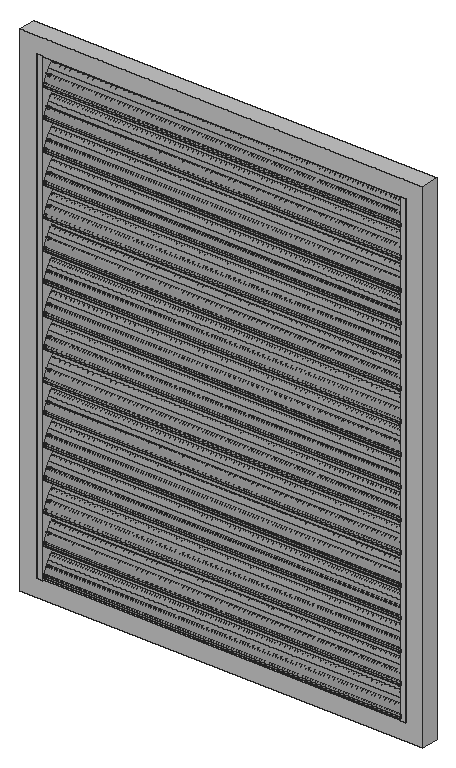
Revit family "90 Midi End Fixed Panel", category Generic Models, Revit 2018
Family settings
  Can host rebar = No
  Round Connector Dimension = Use Diameter
  Part Type = Normal
  Work Plane-Based = No
  Always vertical = Yes
  Cut with Voids When Loaded = No
  Shared = No
  Room Calculation Point = No
Parameters
  W INPUT [instance] = if(W < 500 mm, 500 mm, if(W > 3000 mm, 300 mm, W))  # 1200 mm
  CRS [instance] = 87.5 mm
  W [instance] = 1200 mm
  H INPUT [instance] = CRS * A + 100 mm  # 1500 mm
  H [instance] = 1500 mm
  Frame [instance] = Framing
  Blade [instance] = Blade
  A [instance] = if(((H - 100 mm) / CRS) < 2, 2, (H - 100 mm) / CRS)  # 16
Reference planes
  plane 1 "Center (Front/Back)": y = 0
  plane 2: z = 0
  plane 3 "Center (Left/Right)": x = 0
  plane 4: x = -600
  plane 5: z = 1500
  plane 6: x = 600
  plane 7: x = -533.5
  plane 8: x = 533.5
  plane 9: z = 93.75
  plane 10: z = 181.25
  plane 11: z = 1450
  plane 12: z = 268.75
  plane 13: z = 356.25
  plane 14: z = 443.75
  plane 15: z = 531.25
  plane 16: z = 618.75
  plane 17: z = 706.25
  plane 18: z = 793.75
  plane 19: z = 881.25
  plane 20: z = 968.75
  plane 21: z = 1056.25
  plane 22: z = 1143.75
  plane 23: z = 1231.25
  plane 24: z = 1318.75
  plane 25: z = 1406.25
Forms (mm)
  Sweep 1, solid, material "Framing" <- "Frame"
    path origin (0, 0, 0) x (1, 0, 0) y (0, 0, 1)
      loop
        line (-600, 0) -> (600, 0) -> (600, 1500) -> (-600, 1500) -> (-600, 0)
    profile origin (0, 0, 0) x (0, 0, 1) y (0, -1, 0)
      loop
        line (50, -25) -> (50, 25) -> (0, 25) -> (0, -25) -> (50, -25)
      loop
        line (47, 22) -> (3, 22) -> (3, -22) -> (47, -22) -> (47, 22)
  Extrusion 2, solid, material "Framing" <- "Frame"
    sketch origin (0, 0, 0) x (1, 0, 0) y (0, 1, 0)
      loop
        line (-550, 25) -> (-550, 22) -> (-536.5, 22) -> (-536.5, -22) -> (-550, -22) -> (-550, -25) -> (-533.5, -25) -> (-533.5, 25) -> (-550, 25)
    from 50 to 1450
  Extrusion 3, solid, material "Framing" <- "Frame"
    sketch origin (0, 0, 0) x (-1, 0, 0) y (0, -1, 0)
      loop
        line (-550, -25) -> (-533.5, -25) -> (-533.5, 25) -> (-550, 25) -> (-550, 22) -> (-536.5, 22) -> (-536.5, -22) -> (-550, -22) -> (-550, -25)
    from 50 to 1450
Dimensions and locks
  "H INPUT": plane 5 to plane 2
  equal spacing: plane 6, plane 3 "Center (Left/Right)", plane 4
  "W INPUT": plane 4 to plane 6
  equal spacing: group 1, group 2, group 3, group 4, group 5, group 6, group 7, group 8, group 9, group 10, group 11, group 12, group 13, group 14, group 15, group 16  (x3)
  "CRS": plane 10 to plane 9
  locked: plane 5 to plane 11 at 50
  aligned and locked: level to plane 2
  aligned and locked: Sweep 1 sketch curve to plane 4
  aligned and locked: plane 5 to Sweep 1 sketch curve
  aligned and locked: Sweep 1 sketch curve to plane 6
  aligned and locked: Extrusion 2 to Sweep 1
  aligned and locked: Extrusion 3 to Sweep 1
  aligned and locked: Extrusion 3 to Extrusion 2
  aligned and locked: plane 11 to Extrusion 2
Automatic sketch dimensions
  Sweep 1 sketch curve to level = 0 mm
  profile plane to Sweep 1 sketch curve = 0 mm
  Sweep 1 sketch curve to profile plane = 3 mm
  Sweep 1 sketch curve to Sweep 1 sketch curve = 44 mm
  Sweep 1 sketch curve to Sweep 1 sketch curve = 3 mm  (x3)
  Sweep 1 sketch curve to plane 1 "Center (Front/Back)" = 25 mm
  plane 1 "Center (Front/Back)" to Sweep 1 sketch curve = 22 mm
  Extrusion 2 sketch curve to plane 1 "Center (Front/Back)" = 25 mm
  plane 4 to Extrusion 2 sketch curve = 50 mm
  plane 1 "Center (Front/Back)" to Extrusion 2 sketch curve = 22 mm
  Extrusion 2 sketch curve to Extrusion 2 sketch curve = 0 mm
  Extrusion 2 sketch curve to Extrusion 2 sketch curve = 13.5 mm
  Extrusion 2 sketch curve to Extrusion 2 sketch curve = 3 mm  (x3)
  plane 1 "Center (Front/Back)" to Extrusion 3 sketch curve = 25 mm
  Extrusion 3 sketch curve to plane 6 = 50 mm
  Extrusion 3 sketch curve to Extrusion 3 sketch curve = 0 mm
  Extrusion 3 sketch curve to Extrusion 3 sketch curve = 13.5 mm
  Extrusion 3 sketch curve to Extrusion 3 sketch curve = 3 mm  (x3)
  Extrusion 3 sketch curve to plane 1 "Center (Front/Back)" = 22 mm
Nested families
  nested 1: "90 Midi" at (0, 0, 0), type "90 Midi"
  nested 2: "90 Midi" at (0, 0, 87.5), type "90 Midi"
  nested 3: "90 Midi" at (0, 0, 175), type "90 Midi"
  nested 4: "90 Midi" at (0, 0, 262.5), type "90 Midi"
  nested 5: "90 Midi" at (0, 0, 350), type "90 Midi"
  nested 6: "90 Midi" at (0, 0, 437.5), type "90 Midi"
  nested 7: "90 Midi" at (0, 0, 525), type "90 Midi"
  nested 8: "90 Midi" at (0, 0, 612.5), type "90 Midi"
  nested 9: "90 Midi" at (0, 0, 700), type "90 Midi"
  nested 10: "90 Midi" at (0, 0, 787.5), type "90 Midi"
  nested 11: "90 Midi" at (0, 0, 875), type "90 Midi"
  nested 12: "90 Midi" at (0, 0, 962.5), type "90 Midi"
  nested 13: "90 Midi" at (0, 0, 1050), type "90 Midi"
  nested 14: "90 Midi" at (0, 0, 1137.5), type "90 Midi"
  nested 15: "90 Midi" at (0, 0, 1225), type "90 Midi"
  nested 16: "90 Midi" at (0, 0, 1312.5), type "90 Midi"
Definition of nested family "90 Midi"
  Parameters (values of type "90 Midi")
    W = 1200 mm
    Blade = none
  Reference planes
    plane 1 "Center (Front/Back)": y = 0
    plane 2: z = 0
    plane 3 "Center (Left/Right)": x = 0
    plane 4: x = -533.5
    plane 5: x = -600
    plane 6: x = 533.5
    plane 7: x = 600
  Forms (mm)
    Extrusion 1, solid, material <- "Blade"
      sketch origin (0, 0, 0) x (0, 1, 0) y (0, 0, 1)
        loop
          arc (-18.418, 62.103) -> (-12.003, 68.768) -> (-5.474, 75.322) r 535.81
          arc (-5.474, 75.322) -> (0.78, 82.111) -> (6.362, 89.463) r 97
          arc (6.362, 89.463) -> (16.539, 107.068) -> (23.874, 126.034) r 131.2
          arc (23.874, 126.034) -> (24.411, 128.558) -> (24.531, 131.136) r 15.81
          arc (24.531, 131.136) -> (23.972, 131.82) -> (23.163, 131.465) r 0.73
          arc (23.163, 131.465) -> (21.542, 128.934) -> (19.622, 126.622) r 24.32
          arc (19.622, 126.622) -> (12.644, 119.346) -> (5.531, 112.202) r 535.81
          arc (5.531, 112.202) -> (-0.722, 105.425) -> (-6.302, 98.085) r 97
          arc (-6.302, 98.085) -> (-16.516, 80.438) -> (-23.873, 61.423) r 131.2
          arc (-23.873, 61.423) -> (-24.407, 58.921) -> (-24.531, 56.366) r 15.81
          arc (-24.531, 56.366) -> (-23.975, 55.681) -> (-23.165, 56.031) r 0.73
          arc (-23.165, 56.031) -> (-22.157, 57.665) -> (-21.023, 59.213) r 24.32
          arc (-21.023, 59.213) -> (-21.087, 59.825) -> (-21.7, 59.771) r 0.439
          line (-21.7, 59.771) -> (-22.227, 59.155) -> (-23.215, 59.999) -> (-19.642, 64.18) -> (-18.654, 63.336) -> (-19.215, 62.679)
          arc (-19.215, 62.679) -> (-19.065, 62.047) -> (-18.418, 62.103) r 0.497
        loop
          arc (-17.964, 64.325) -> (-12.186, 70.296) -> (-6.317, 76.177) r 537.01
          arc (-6.317, 76.177) -> (-4.699, 77.812) -> (-3.12, 79.486) r 95.8
          arc (-3.12, 79.486) -> (-2.991, 79.881) -> (-3.205, 80.237) r 0.5
          line (-3.205, 80.237) -> (-4.372, 81.04) -> (-4.708, 79.928)
          arc (-4.708, 79.928) -> (-5.455, 79.527) -> (-5.856, 80.275) r 0.6
          arc (-5.856, 80.275) -> (-8.493, 82.539) -> (-8.395, 79.065) r 1.9
          arc (-8.395, 79.065) -> (-8.067, 78.283) -> (-8.849, 77.955) r 0.6
          arc (-8.849, 77.955) -> (-10.768, 80.615) -> (-9.224, 83.509) r 3.1
          arc (-9.224, 83.509) -> (-8.975, 83.922) -> (-9.191, 84.354) r 0.5
          line (-9.191, 84.354) -> (-11.663, 86.054)
          arc (-11.663, 86.054) -> (-12.063, 86.129) -> (-12.386, 85.881) r 0.5
          arc (-12.386, 85.881) -> (-17.007, 76.512) -> (-20.862, 66.801) r 130
          line (-20.862, 66.801) -> (-17.964, 64.325)
        loop
          line (11.302, 100.238) -> (2.19, 106.504)
          arc (2.19, 106.504) -> (-1.581, 101.981) -> (-5.066, 97.234) r 95.5
          arc (-5.066, 97.234) -> (-8.289, 92.313) -> (-11.285, 87.251) r 129.7
          line (-11.285, 87.251) -> (-2.172, 80.983)
          arc (-2.172, 80.983) -> (1.621, 85.534) -> (5.125, 90.312) r 95.5
          arc (5.125, 90.312) -> (8.325, 95.205) -> (11.302, 100.238) r 129.7
        loop
          arc (4.71, 107.57) -> (5.457, 107.972) -> (5.858, 107.224) r 0.6
          arc (5.858, 107.224) -> (8.495, 104.96) -> (8.397, 108.434) r 1.9
          arc (8.397, 108.434) -> (8.069, 109.216) -> (8.851, 109.544) r 0.6
          arc (8.851, 109.544) -> (10.77, 106.884) -> (9.226, 103.99) r 3.1
          arc (9.226, 103.99) -> (8.977, 103.576) -> (9.193, 103.145) r 0.5
          line (9.193, 103.145) -> (11.679, 101.434)
          arc (11.679, 101.434) -> (12.079, 101.36) -> (12.402, 101.608) r 0.5
          arc (12.402, 101.608) -> (18.087, 113.446) -> (22.549, 125.798) r 130
          arc (22.549, 125.798) -> (22.171, 126.732) -> (21.18, 126.556) r 0.8
          arc (21.18, 126.556) -> (20.841, 126.175) -> (20.496, 125.8) r 25.52
          arc (20.496, 125.8) -> (13.502, 118.507) -> (6.373, 111.348) r 537.01
          arc (6.373, 111.348) -> (4.736, 109.694) -> (3.139, 108.001) r 95.8
          arc (3.139, 108.001) -> (3.01, 107.607) -> (3.223, 107.25) r 0.5
          line (3.223, 107.25) -> (4.374, 106.459) -> (4.71, 107.57)
      from -533.5 to 533.5
  Dimensions and locks
    plane 5 to plane 4 = 66.5 mm
    plane 6 to plane 7 = 66.5 mm
    equal spacing: plane 4, plane 3 "Center (Left/Right)", plane 6
    "W": plane 5 to plane 7
    aligned and locked: level to plane 2
  Automatic sketch dimensions
    Extrusion 1 sketch curve to Extrusion 1 sketch curve = 0 mm  (x56)
    plane 1 "Center (Front/Back)" to Extrusion 1 sketch curve = 370.577 mm
    plane 1 "Center (Front/Back)" to Extrusion 1 sketch curve = 101.794 mm
    Extrusion 1 sketch curve to Extrusion 1 sketch curve = 28.193 mm
    plane 1 "Center (Front/Back)" to Extrusion 1 sketch curve = 23.801 mm
    Extrusion 1 sketch curve to Extrusion 1 sketch curve = 0.586 mm
    Extrusion 1 sketch curve to Extrusion 1 sketch curve = 0.988 mm
    Extrusion 1 sketch curve to Extrusion 1 sketch curve = 0.527 mm
    Extrusion 1 sketch curve to Extrusion 1 sketch curve = 0.334 mm
    Extrusion 1 sketch curve to Extrusion 1 sketch curve = 0.839 mm
    Extrusion 1 sketch curve to Extrusion 1 sketch curve = 1.22 mm
    Extrusion 1 sketch curve to Extrusion 1 sketch curve = 0.427 mm
    Extrusion 1 sketch curve to Extrusion 1 sketch curve = 0.441 mm
    Extrusion 1 sketch curve to Extrusion 1 sketch curve = 0.561 mm
    Extrusion 1 sketch curve to Extrusion 1 sketch curve = 0.69 mm
    plane 1 "Center (Front/Back)" to Extrusion 1 sketch curve = 11.946 mm
    Extrusion 1 sketch curve to Extrusion 1 sketch curve = 0.283 mm  (x6)
    Extrusion 1 sketch curve to Extrusion 1 sketch curve = 0.378 mm
    Extrusion 1 sketch curve to Extrusion 1 sketch curve = 2.472 mm
    plane 1 "Center (Front/Back)" to Extrusion 1 sketch curve = 8.729 mm
    Extrusion 1 sketch curve to Extrusion 1 sketch curve = 0.852 mm
    Extrusion 1 sketch curve to Extrusion 1 sketch curve = 0.947 mm  (x2)
    Extrusion 1 sketch curve to Extrusion 1 sketch curve = 2.393 mm  (x2)
    Extrusion 1 sketch curve to Extrusion 1 sketch curve = 0.574 mm  (x2)
    Extrusion 1 sketch curve to Extrusion 1 sketch curve = 0.335 mm  (x2)
    Extrusion 1 sketch curve to Extrusion 1 sketch curve = 1.219 mm
    Extrusion 1 sketch curve to Extrusion 1 sketch curve = 1.033 mm  (x2)
    plane 1 "Center (Front/Back)" to Extrusion 1 sketch curve = 1.982 mm
    Extrusion 1 sketch curve to plane 1 "Center (Front/Back)" = 1.911 mm
    Extrusion 1 sketch curve to plane 1 "Center (Front/Back)" = 2.19 mm
    Extrusion 1 sketch curve to Extrusion 1 sketch curve = 1.151 mm
    Extrusion 1 sketch curve to plane 1 "Center (Front/Back)" = 8.73 mm
    Extrusion 1 sketch curve to Extrusion 1 sketch curve = 1.515 mm
    Extrusion 1 sketch curve to Extrusion 1 sketch curve = 2.109 mm
    Extrusion 1 sketch curve to Extrusion 1 sketch curve = 0.377 mm
    Extrusion 1 sketch curve to Extrusion 1 sketch curve = 13.053 mm
    Extrusion 1 sketch curve to Extrusion 1 sketch curve = 2.017 mm
    Extrusion 1 sketch curve to plane 1 "Center (Front/Back)" = 73.619 mm
    Extrusion 1 sketch curve to Extrusion 1 sketch curve = 28.178 mm
    Extrusion 1 sketch curve to plane 1 "Center (Front/Back)" = 370.843 mm
    Extrusion 1 sketch curve to level = 306.093 mm
    level to Extrusion 1 sketch curve = 23.735 mm
    Extrusion 1 sketch curve to Extrusion 1 sketch curve = 19.381 mm
    level to Extrusion 1 sketch curve = 44.083 mm
    Extrusion 1 sketch curve to Extrusion 1 sketch curve = 12.307 mm
    Extrusion 1 sketch curve to Extrusion 1 sketch curve = 12.798 mm
    Extrusion 1 sketch curve to Extrusion 1 sketch curve = 2.765 mm
    Extrusion 1 sketch curve to Extrusion 1 sketch curve = 0.332 mm
    Extrusion 1 sketch curve to Extrusion 1 sketch curve = 0.285 mm
    Extrusion 1 sketch curve to Extrusion 1 sketch curve = 0.229 mm
    Extrusion 1 sketch curve to Extrusion 1 sketch curve = 0.989 mm
    Extrusion 1 sketch curve to Extrusion 1 sketch curve = 2.621 mm
    Extrusion 1 sketch curve to Extrusion 1 sketch curve = 11.709 mm
    Extrusion 1 sketch curve to Extrusion 1 sketch curve = 1.315 mm
    Extrusion 1 sketch curve to Extrusion 1 sketch curve = 0.103 mm
    Extrusion 1 sketch curve to Extrusion 1 sketch curve = 0.173 mm  (x2)
    Extrusion 1 sketch curve to Extrusion 1 sketch curve = 0.412 mm  (x6)
    Extrusion 1 sketch curve to Extrusion 1 sketch curve = 2.314 mm  (x2)
    Extrusion 1 sketch curve to Extrusion 1 sketch curve = 0.746 mm  (x2)
    Extrusion 1 sketch curve to Extrusion 1 sketch curve = 1.112 mm
    Extrusion 1 sketch curve to Extrusion 1 sketch curve = 3.118 mm
    Extrusion 1 sketch curve to Extrusion 1 sketch curve = 1.7 mm
    Extrusion 1 sketch curve to Extrusion 1 sketch curve = 1.197 mm  (x2)
    Extrusion 1 sketch curve to Extrusion 1 sketch curve = 3.003 mm
    Extrusion 1 sketch curve to Extrusion 1 sketch curve = 1.71 mm
    Extrusion 1 sketch curve to Extrusion 1 sketch curve = 3.314 mm
    Extrusion 1 sketch curve to Extrusion 1 sketch curve = 0.046 mm
    Extrusion 1 sketch curve to Extrusion 1 sketch curve = 0.216 mm
    Extrusion 1 sketch curve to Extrusion 1 sketch curve = 0.938 mm
    Extrusion 1 sketch curve to Extrusion 1 sketch curve = 17.043 mm
    Extrusion 1 sketch curve to Extrusion 1 sketch curve = 4.545 mm
    Extrusion 1 sketch curve to Extrusion 1 sketch curve = 5.078 mm
    Extrusion 1 sketch curve to Extrusion 1 sketch curve = 12.713 mm
    Extrusion 1 sketch curve to Extrusion 1 sketch curve = 1.082 mm
    Extrusion 1 sketch curve to Extrusion 1 sketch curve = 19.36 mm
    Extrusion 1 sketch curve to Extrusion 1 sketch curve = 330.093 mm
    Extrusion 1 sketch curve to Extrusion 1 sketch curve = 0.73 mm
    Extrusion 1 sketch curve to Extrusion 1 sketch curve = 0.356 mm
